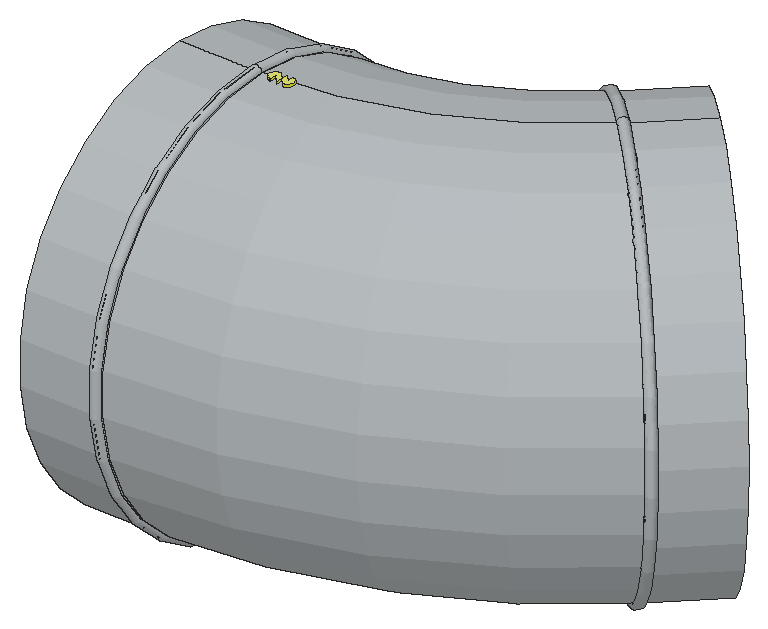
Revit family "NLRS_57_DUF_UN_9mm_dampdichte_ronde_bocht_LT_velu", category Duct Fittings, Revit 2020
Family settings
  Round Connector Dimension = Use Diameter
  Part Type = Elbow
  Work Plane-Based = No
  Always vertical = Yes
  Cut with Voids When Loaded = No
  Shared = No
Parameters (values of type "SB_EDI")
  VELU_c01_diameter [instance] = if(NLRS_M_c01_diameter > 355.00 mm, 400.00 mm, if(NLRS_M_c01_diameter > 315.00 mm, 355.00 mm, if(NLRS_M_c01_diameter > 250.00 mm, 315.00 mm, if(NLRS_M_c01_diameter > 200.00 mm, 250.00 mm, if(NLRS_M_c01_diameter > 180.00 mm, 200.00 mm, if(NLRS_M_c01_diameter > 160.00 mm, 180.00 mm, if(NLRS_M_c01_diameter > 150.00 mm, 160.00 mm, if(NLRS_M_c01_diameter > 125.00 mm, 150.00 mm, if(NLRS_M_c01_diameter > 100.00 mm, 125.00 mm, 100.00 mm)))))))))  # 200.00 mm
  VELU_Werkendelengte [instance] = size_lookup(VELU_Article_Data, "wl", VELU_c01_diameter, VELU_c01_diameter, (VELU_Hoek / 1.00°) * 1.00 mm)  # 82.00 mm
  VELU_Verbindingslengte [instance] = size_lookup(VELU_Article_Data, "Li1", 35.00 mm, VELU_c01_diameter, (VELU_Hoek / 1.00°) * 1.00 mm)  # 35.00 mm
  VELU_Sta_special_toe [instance] = no
  VELU_Show_Warning [instance] = and(not(VELU_Geldig_Artikel), not(VELU_Sta_special_toe))  # no
  VELU_Segmenthoek [instance] = VELU_Hoek / VELU_Segmentaantal  # 45.00°
  VELU_Segmentbocht [instance] = VELU_Segmentaantal > 1  # no
  VELU_Segmentaantal [instance] = size_lookup(VELU_Article_Data, "Segment", 1, VELU_c01_diameter, (VELU_Hoek / 1.00°) * 1.00 mm)  # 1
  VELU_Safe [instance] = 1 = 1  # yes
  VELU_Ril_Offset [instance] = -VELU_Connector_Ril / 2  # -2.50 mm
  VELU_Reken_Lengte [instance] = 2 * VELU_Werkendelengte  # 164.00 mm
  VELU_Opmerking [instance] = "Pas NLRS_57_dampdicht_gen_velu 9mm toe als isolatie!"  # constant formula
  VELU_Model_Radius [instance] = VELU_Werkendelengte / tan(VELU_Hoek / 2)  # 197.966 mm
  VELU_Model_Diameter [instance] = VELU_c01_diameter - 2.00 mm  # 198.00 mm
  VELU_Model [instance] = size_lookup(VELU_Article_Data, "Model", "NB", VELU_c01_diameter, (VELU_Hoek / 1.00°) * 1.00 mm)  # "SBGEDI 200 45"
  VELU_Hoek [instance] = if(not(or(NLRS_C_hoek = 45.00°, NLRS_C_hoek = 90.00°)), if(NLRS_C_hoek < 67.50°, 45.00°, 90.00°), NLRS_C_hoek)  # 45.00°
  VELU_Gewicht [instance] = size_lookup(VELU_Article_Data, "kg", 0, VELU_c01_diameter, (VELU_Hoek / 1.00°) * 1.00 mm) * 1.00 kg / 100  # 0.74 kg
  VELU_Geldig_Artikel [instance] = and(VELU_c01_diameter = NLRS_M_c01_diameter, NLRS_C_hoek = VELU_Hoek)  # yes
  VELU_Foutmelding [instance] = if(VELU_Geldig_Artikel, " ", "Dit is geen geldig VELU dampddicht product")  # " "
  VELU_Contra_Angle [instance] = 90.00° - VELU_Hoek  # 45.00°
  VELU_Connector_Ril [instance] = size_lookup(VELU_Article_Data, "Ril1", 5.00 mm, VELU_c01_diameter, (VELU_Hoek / 1.00°) * 1.00 mm)  # 5.00 mm
  VELU_Connector2_Pos [instance] = VELU_Werkendelengte  # 82.00 mm
  VELU_Connector1_Pos [instance] = VELU_Werkendelengte  # 82.00 mm
  VELU_Artikel_code [instance] = size_lookup(VELU_Article_Data, "", "NB", VELU_c01_diameter, (VELU_Hoek / 1.00°) * 1.00 mm)  # "5140000616"
  VELU_Article_Data [instance] = "Bocht dampdicht"  # constant formula
  built-in parameter 1114242 [instance] = 1 = 0  # (empty or 0)
  URL = "https://velu.nl/producten-info/ronde-kanalen"
  Type Image = <None>
  Type Comments = "9mm dampdichte isolatie toevoegen via Revit Insulation - Isolatie is voorgemonteerd op kanaalstuk."  # constant formula
  NLRS_M_c01_diameter [instance] = 200.00 mm
  NLRS_C_model [instance] = VELU_Model  # "SBGEDI 200 45"
  NLRS_C_hoek [instance] = 45.00°
  NLRS_C_description [instance] = Description  # "Velu Dampdicht, ronde bocht, glad of segment, R=D"
  NLRS_C_content_versie = "3.20.01"  # constant formula
  NLRS_C_content_provider = Manufacturer  # "Velu Klimaattechnische groothandel"
  NLRS_C_content_datum_gewijzigd = "16-01-2023"  # constant formula
  NLRS_C_content_creator = "J. Feeke"  # constant formula
  Model = "Velu dampdicht -  ronde bocht"  # constant formula
  Manufacturer = "Velu Klimaattechnische groothandel"  # constant formula
  IfcExportType = "BEND"  # constant formula
  IfcExportAs = "IfcDuctFittingType"  # constant formula
  IfcDescription = Description  # "Velu Dampdicht, ronde bocht, glad of segment, R=D"
  Description = "Velu Dampdicht, ronde bocht, glad of segment, R=D"  # constant formula
  Default Elevation = 0.00 mm
  Assembly Code = "57.0"
Reference planes
  plane 1 "Center (Front/Back)": y = 0
  plane 2: z = 0
  plane 3 "Center (Left/Right)": x = 0
  plane 4: y = 197.966
  plane 5: x = -82
  plane 6 "Top": z = 99
  plane 7 "Bottom": z = -99
Forms (mm)
  Sweep 1, solid, material "NLRS_57_sendzimir verzinkt_gen_sacs", detail levels medium+fine
    path in 3D
      loop
        arc (-82, 0, 0) -> (-6.242, 15.069, 0) -> (57.983, 57.983, 0) r 197.966
    profile "Body_round : Body_round" origin (-6.242, 15.069, 0) x (-0.382683, 0.92388, 0) y (0, 0, 1)
      loop
        circle (0, 0) r 99
  Sweep 2, solid, material "NLRS_57_sendzimir verzinkt_gen_sacs", detail levels medium+fine
    path origin (-82, 0, 0) x (0, 0, 1) y (0, 1, 0)
      loop
        circle (0, 0) r 100
    profile "Insertion_Profile : Insertion_Profile" origin (-82, 100, 0) x (0, -1, 0) y (-1, 0, 0)
      loop
        line (2, 35) -> (1, 35) -> (1, 0)
        arc (1, 0) -> (-1.5, -2.5) -> (1, -5) r 2.5
        line (1, -5) -> (2, -5) -> (2, -4) -> (1, -4)
        arc (1, -4) -> (-0.5, -2.5) -> (1, -1) r 1.5
        line (1, -1) -> (2, -1) -> (2, 35)
  Sweep 3, solid, material "NLRS_57_sendzimir verzinkt_gen_sacs", detail levels medium+fine
    path origin (57.983, 57.983, 0) x (0, 0, 1) y (0.707107, -0.707107, 0)
      loop
        circle (0, 0) r 100
    profile "Insertion_Profile : Insertion_Profile" origin (128.693, -12.728, 0) x (-0.707107, 0.707107, 0) y (0.707107, 0.707107, 0)
      loop
        line (2, 35) -> (1, 35) -> (1, 0)
        arc (1, 0) -> (-1.5, -2.5) -> (1, -5) r 2.5
        line (1, -5) -> (2, -5) -> (2, -4) -> (1, -4)
        arc (1, -4) -> (-0.5, -2.5) -> (1, -1) r 1.5
        line (1, -1) -> (2, -1) -> (2, 35)
  Extrusion 4, solid, material "VELU_Label", not visible
    sketch origin (-547.644, -297.937, 0) x (1, 0, 0) y (0, 1, 0)
      loop
        arc (544.644, 300.937) -> (541.644, 297.937) -> (544.644, 294.937) r 3
        line (544.644, 294.937) -> (544.644, 297.937) -> (547.644, 294.937) -> (547.644, 297.937) -> (544.644, 300.937)
    from 0 to 1
  Extrusion 5, solid, material "VELU_Label", not visible
    sketch origin (0, 0, 0) x (1, 0, 0) y (0, 1, 0)
      loop
        arc (3, -3) -> (6, 0) -> (3, 3) r 3
        line (3, 3) -> (3, 0) -> (0, 3) -> (0, 0) -> (3, -3)
    from 0 to 1
  Extrusion 6, solid, material "VELU_Label", not visible
    sketch origin (-415.147, -520.982, 0) x (1, 0, 0) y (0, 1, 0)
      loop
        arc (544.644, 300.937) -> (541.644, 297.937) -> (544.644, 294.937) r 3
        line (544.644, 294.937) -> (544.644, 297.937) -> (547.644, 294.937) -> (547.644, 297.937) -> (544.644, 300.937)
    from 0 to 1
  Extrusion 7, solid, material "VELU_Label", not visible
    sketch origin (132.497, -223.045, 0) x (1, 0, 0) y (0, 1, 0)
      loop
        arc (3, -3) -> (6, 0) -> (3, 3) r 3
        line (3, 3) -> (3, 0) -> (0, 3) -> (0, 0) -> (3, -3)
    from 0 to 1
Lines and regions (mm)
  model lines, style "DuctFittingCenterLine"
    curve 1: arc (-82, 0, 0) -> (-6.242, 15.069, 0) -> (57.983, 57.983, 0) r 197.966
  sketch lines
    curve 2: arc (-82, 0, 0) -> (-6.242, 15.069, 0) -> (57.983, 57.983, 0) r 197.966
  reference lines
    curve 3: line (0, 0, 0) -> (-82, 0, 0)
    curve 4: line (0, 0, 0) -> (57.983, 57.983, 0)
Dimensions and locks
  "VELU_Model_Radius": plane 1 "Center (Front/Back)" to plane 4
  "VELU_Werkendelengte": plane 5 to plane 3 "Center (Left/Right)"
  "VELU_Connector1_Pos": curve 3 to curve 3
  "VELU_Connector2_Pos": curve 4 to curve 4
  Sweep 2 sketch curve to curve 3 = 0.00 mm
  locked: plane 5 to curve 1
  locked: plane 5 to nested 1 at 35
  equal spacing: plane 6 "Top", level, plane 7 "Bottom"
  "VELU_Model_Diameter": plane 6 "Top" to plane 7 "Bottom"
  locked: plane 5 to nested 2 at 15
  locked: plane 5 to nested 3 at 15
  "VELU_Model_Radius": radius of curve 1
  "VELU_c01_diameter": diameter of Sweep 2 sketch curve
  "VELU_c01_diameter": diameter of Sweep 3 sketch curve
  "VELU_Hoek": angle curve 1 to curve 1
  "VELU_Contra_Angle": angle curve 4 to plane 3 "Center (Left/Right)"
  aligned and locked: level to plane 2
  aligned and locked: curve 3 to plane 1 "Center (Front/Back)"
  aligned and locked: plane 1 "Center (Front/Back)" to nested 2
  aligned and locked: plane 1 "Center (Front/Back)" to nested 3
  aligned and locked: Extrusion 5 to plane 3 "Center (Left/Right)"
Automatic sketch dimensions
  Extrusion 4 sketch curve to Extrusion 4 sketch curve = 3.00 mm  (x3)
  Extrusion 4 sketch curve to Extrusion 4 sketch curve = 0.00 mm  (x2)
  Extrusion 5 sketch curve to Extrusion 5 sketch curve = 3.00 mm  (x2)
  Extrusion 5 sketch curve to Extrusion 5 sketch curve = 0.00 mm  (x3)
  Extrusion 6 sketch curve to Extrusion 6 sketch curve = 3.00 mm  (x3)
  Extrusion 6 sketch curve to Extrusion 6 sketch curve = 0.00 mm  (x2)
  Extrusion 7 sketch curve to Extrusion 7 sketch curve = 3.00 mm  (x2)
  Extrusion 7 sketch curve to Extrusion 7 sketch curve = 0.00 mm  (x3)
  curve 3 to plane 5 = 0.00 mm
  plane 1 "Center (Front/Back)" to curve 1 = 0.00 mm
  curve 1 to plane 5 = 0.00 mm
  level to Sweep 3 sketch curve = 0.00 mm
Nested families
  nested 1: "Warning_R20" at (-47, 0, 0), visible <- "VELU_Show_Warning", type "Warning_R20"
  nested 2: "logo_single" at (-67, 0, 99), type "logo_single"
  nested 3: "logo_single" at (-67, 0, -100), type "logo_single"
Connectors
  hvac at (-82, 0, 0), driven by "NLRS_M_c01_diameter"
    settings: on curve 3, index 1, duct flow 0.0 L/s, flow factor 0, pres drop 0.0 Pa, loss coef 0, conn angle 0.00°, conn width 304.8 mm, conn height 304.8 mm, conn diameter 200 mm, duct sys type 28, conn prof type 0, flow config 2, flow direction 0, loss method 6, conn ref index 2, conn util no, is conn primary yes, conn desc ""
  hvac at (57.983, 57.983, 0), driven by "NLRS_M_c01_diameter", driven by "NLRS_C_hoek"
    settings: on curve 4, index 2, duct flow 0.0 L/s, flow factor 0, pres drop 0.0 Pa, loss coef 0, conn angle 45.00°, conn width 304.8 mm, conn height 304.8 mm, conn diameter 200 mm, duct sys type 28, conn prof type 0, flow config 2, flow direction 0, loss method 6, conn ref index 1, conn util no, is conn primary no, conn desc ""
Definition of nested family "logo_single"
  Parameters (values of type "logo_single")
    t = 3.00 mm
    Model = "LOD 400"
    Description = "Model type"
    Default Elevation = 1219.20 mm
  Reference planes
    plane 1 "Center (Front/Back)": y = 0
    plane 2: z = 0
    plane 3 "Center (Left/Right)": x = 0
    plane 4: x = -6
    plane 5: y = -3
    plane 6: y = 3
    plane 7: x = -3
    plane 8: x = 3
    plane 9: x = 6
  Forms (mm)
    Extrusion 1, solid
      sketch origin (-547.644, -297.937, 0) x (1, 0, 0) y (0, 1, 0)
        loop
          arc (544.644, 300.937) -> (541.644, 297.937) -> (544.644, 294.937) r 3
          line (544.644, 294.937) -> (544.644, 297.937) -> (547.644, 294.937) -> (547.644, 297.937) -> (544.644, 300.937)
      from 0 to 1
    Extrusion 2, solid
      sketch origin (0, 0, 0) x (1, 0, 0) y (0, 1, 0)
        loop
          arc (3, -3) -> (6, 0) -> (3, 3) r 3
          line (3, 3) -> (3, 0) -> (0, 3) -> (0, 0) -> (3, -3)
      from 0 to 1
  Dimensions and locks
    "t": plane 6 to plane 1 "Center (Front/Back)"
    "t": plane 5 to plane 1 "Center (Front/Back)"
    "t": plane 4 to plane 7
    "t": plane 7 to plane 3 "Center (Left/Right)"
    "t": plane 3 "Center (Left/Right)" to plane 8
    "t": plane 8 to plane 9
    aligned and locked: level to plane 2
  Automatic sketch dimensions
    plane 1 "Center (Front/Back)" to Extrusion 1 sketch curve = 0.00 mm  (x3)
    Extrusion 1 sketch curve to plane 7 = 0.00 mm
    Extrusion 1 sketch curve to plane 6 = 0.00 mm
    Extrusion 1 sketch curve to plane 3 "Center (Left/Right)" = 0.00 mm
    Extrusion 1 sketch curve to plane 5 = 0.00 mm
    Extrusion 2 sketch curve to plane 3 "Center (Left/Right)" = 0.00 mm
    plane 1 "Center (Front/Back)" to Extrusion 2 sketch curve = 0.00 mm  (x3)
    Extrusion 2 sketch curve to plane 5 = 0.00 mm
    Extrusion 2 sketch curve to plane 8 = 0.00 mm
    Extrusion 2 sketch curve to plane 6 = 0.00 mm
Definition of nested family "Warning_R20"
  Parameters (values of type "Warning_R20")
    TW = 51.60 mm * Scale  # 51.60 mm
    TH = 75.00 mm * Scale  # 75.00 mm
    Scale = 1
    CO = 50.00 mm * Scale  # 50.00 mm
    CD = 50.00 mm * Scale  # 50.00 mm
    BW = 40.00 mm * Scale  # 40.00 mm
    BH = 12.00 mm * Scale  # 12.00 mm
  Reference planes
    plane 1 "Center (Front/Back)": y = 0
    plane 2: z = 0
    plane 3 "Center (Left/Right)": x = 0
  Lines and regions (mm)
    Filled region 1, type "Solid Fill - Black", in view "Ref. Level"
      outline origin (0, 0, 0) x (1, 0, 0) y (0, 1, 0)
        loop
          line (-25.8, 75) -> (-20, -12) -> (20, -12) -> (25.8, 75) -> (-25.8, 75)
        loop
          circle (0, -50) r 25
  Dimensions and locks
    equal spacing: Filled region 1 sketch curve, plane 3 "Center (Left/Right)", Filled region 1 sketch curve  (x2)
    "TH": plane 1 "Center (Front/Back)" to Filled region 1 sketch curve
    "BH": Filled region 1 sketch curve to plane 1 "Center (Front/Back)"
    "CO": Filled region 1 sketch curve to plane 1 "Center (Front/Back)"
    "TW": Filled region 1 sketch curve to Filled region 1 sketch curve
    "BW": Filled region 1 sketch curve to Filled region 1 sketch curve
    "CD": diameter of Filled region 1 sketch curve
    aligned and locked: plane 3 "Center (Left/Right)" to Filled region 1 sketch curve
